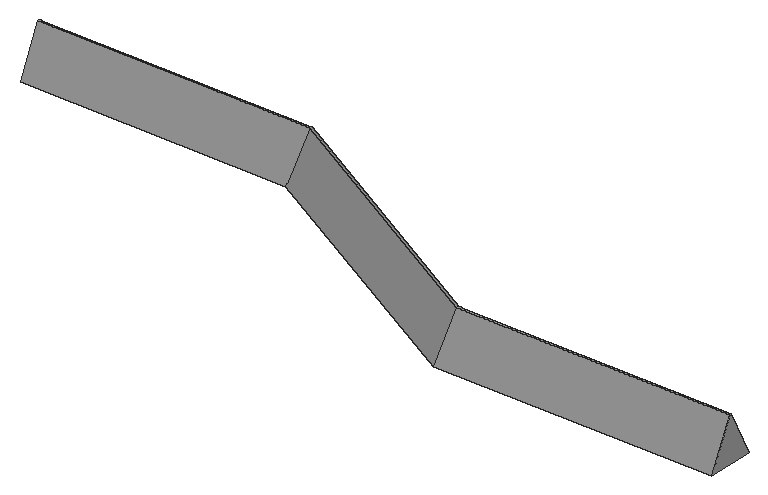
Revit family "Armeret_BetonZig-Zag_45mm_p_i_t_1131106", category Generic Models, Revit 2019
Family settings
  Can host rebar = No
  Round Connector Dimension = Use Diameter
  Part Type = Normal
  Work Plane-Based = Yes
  Always vertical = No
  Cut with Voids When Loaded = No
  Shared = No
  Room Calculation Point = No
Parameters (values of type "45 mm")
  concrete = Concrete
  Website Link = "https://haucon.dk/produkt/armeret-beton-zig-zag/#variations"
  Total Length = 800 mm
  Technical Data Sheet = "https://haucon.dk/wp-content/uploads/2016/04/1131090-Beton-zig-zag-TDS-DK.pdf"
  Default Elevation = 1219.2 mm
  Armerment width = 45 mm
  Armerment Height = Armerment width  # 45 mm
Types (13, lengths in mm): name | Armerment width | Armerment Height
  35 mm | 35 | 35
  55 mm | 55 | 55
  40 mm | 40 | 40
  45 mm | 45 | 45
  50 mm | 50 | 50
  60 mm | 60 | 60
  25 mm | 25 | 25
  30 mm | 30 | 30
  70 mm | 70 | 70
  75 mm | 75 | 75
  80 mm | 80 | 80
  90 mm | 90 | 90
  100 mm | 100 | 100
Reference planes
  plane 1 "Center (Front/Back)": y = 0
  plane 2: z = 0
  plane 3 "Center (Left/Right)": x = 0
  plane 4: y = 22.5
  plane 5: y = -22.5
  plane 6: z = 45
  plane 7: x = 266.667
  plane 8: x = 533.333
  plane 9: x = 800
Forms (mm)
  Sweep 1, solid, material "Concrete" <- "concrete"
    path origin (135, 0, 0) x (1, 0, 0) y (0, 1, 0)
      loop
        line (-135, 0) -> (132.554, 0) -> (397.446, -149.776) -> (665, -149.776)
    profile origin (133.777, 0, 0) x (0, 1, 0) y (0, 0, 1)
      loop
        line (22.5, 0) -> (0.856, 44.544)
        arc (0.856, 44.544) -> (0, 44.98) -> (-0.856, 44.544) r 1.059
        line (-0.856, 44.544) -> (-22.5, 0) -> (22.5, 0)
Dimensions and locks
  equal spacing: plane 4, plane 1 "Center (Front/Back)", plane 5
  "Armerment width": plane 4 to plane 5
  "Armerment Height": level to plane 6
  "Total Length": plane 3 "Center (Left/Right)" to plane 9
  equal spacing: plane 3 "Center (Left/Right)", plane 7, plane 8, plane 9
  aligned and locked: level to plane 2
  aligned and locked: level to Sweep 1 sketch curve
  aligned and locked: plane 3 "Center (Left/Right)" to Sweep 1
  aligned and locked: plane 9 to Sweep 1 sketch curve
Automatic sketch dimensions
  plane 1 "Center (Front/Back)" to Sweep 1 sketch curve = 0 mm
  Sweep 1 sketch curve to plane 3 "Center (Left/Right)" = 0 mm
  Sweep 1 sketch curve to plane 7 = 0.887 mm
  plane 8 to Sweep 1 sketch curve = 0.887 mm
  plane 1 "Center (Front/Back)" to Sweep 1 sketch curve = 149.776 mm
  Sweep 1 sketch curve to plane 5 = 0 mm
  Sweep 1 sketch curve to profile plane = 0 mm
  Sweep 1 sketch curve to plane 4 = 0 mm
  plane 6 to Sweep 1 sketch curve = 0.456 mm  (x2)
  profile plane to Sweep 1 sketch curve = 0.856 mm
  Sweep 1 sketch curve to Sweep 1 sketch curve = 0.623 mm
